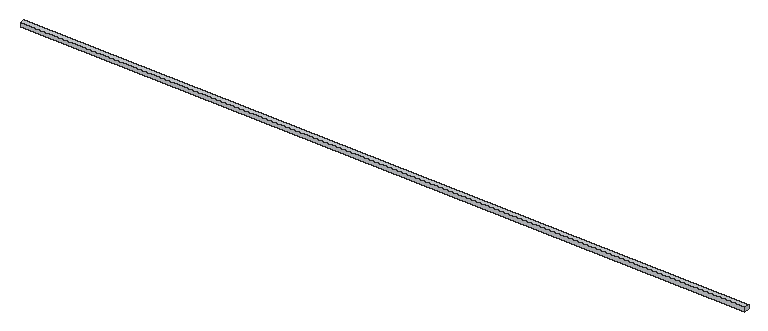
Revit family "NARROW 2216 IP 20_S242240.U.1", category Luminarias, Revit 2019
Family settings
  Cota de conector redondo = Diámetro de uso
  Tipo de pieza = Normal
  Se basa en plano de trabajo = Sí
  Siempre vertical = No
  Corte con vacíos al cargar = No
  Origen de luz = Sí
  Compartido = No
  Punto de cálculo de habitación = No
Parameters (values of type "NARROW 2216 IP 20_S242240.U.1")
  Tilt Angle = 60.00°
  Zone [instance] = ""
  Watt per fixture [instance] = (Longitud / 1000 mm) * (19.2)  # 19.2
  Wattage = 19.2 W
  built-in parameter 1150107 = 2700 (stored number, unit not read)
  built-in parameter 1150110 = 1 (stored number, unit not read)
  built-in parameter 1150109 = 1 (stored number, unit not read)
  built-in parameter 1150112 = 1 (stored number, unit not read)
  built-in parameter 1150113 = 1 (stored number, unit not read)
  built-in parameter 1114218 = 1 (stored number, unit not read)
  built-in parameter 1150142 = "IESNA:LM-63-1995\r\n[TEST]  \r\n[DATE] 2019/06/20\r\n[MANUFAC] BRILLANTE ILUMINACION\r\n[LUMCAT] \r\n[LUMINAIRE] S242240.U.1\r\n[LAMPCAT] \r\n[LAMP] NARROW 2216 IP20 2400°K\r\n[BALLASTCAT] \r\n[BALLAST] \r\n[OTHER]  \r\n[More] Temprature:25 Humidity:40\r\n[More] Frequency:DC Voltage:24.0 Current:0.8 Power:19.2 PF:0.000\r\nTILT=NONE\r\n1 1245.600 1.000 13 13 2 2 0.004 1.0 0.01\r\n1.0 1.0 19.2\r\n-90.0 -75.0 -60.0 -45.0 -30.0 -15.0 0.0 15.0 30.0 45.0 60.0 75.0 90.0\r\n-90.0 -75.0 -60.0 -45.0 -30.0 -15.0 0.0 15.0 30.0 45.0 60.0 75.0 90.0\r\n1.883 1.883 1.883 1.883 1.883 1.883 1.883 1.883 1.883 1.883 1.883 1.883 1.883\r\n3.069 14.573 33.461 53.395 69.771 80.257 83.210 78.445 66.606 49.499 29.781 11.367 1.673\r\n3.714 36.333 84.743 132.716 170.404 193.606 200.657 191.144 165.538 126.051 76.933 29.938 1.658\r\n7.468 61.511 138.961 208.468 260.834 292.335 301.087 286.856 250.202 193.357 120.829 45.160 1.615\r\n8.718 78.802 176.694 262.189 326.924 366.222 378.068 361.795 318.074 249.412 160.403 62.648 1.648\r\n9.809 95.903 206.020 300.275 370.835 413.380 425.213 405.792 356.036 279.069 179.774 69.222 1.660\r\n9.885 96.672 210.761 308.617 382.769 427.968 441.620 422.731 372.251 293.448 191.111 76.069 1.695\r\n10.879 97.494 207.338 301.217 371.499 413.772 425.374 405.876 356.150 279.276 180.176 69.850 1.670\r\n10.716 81.781 179.036 263.850 328.049 366.843 378.372 362.014 318.368 250.041 161.242 63.841 1.673\r\n10.107 65.318 142.469 211.209 262.765 293.552 301.891 287.564 251.081 194.524 122.336 46.771 1.669\r\n8.466 40.266 88.696 136.061 172.971 195.464 202.119 192.563 167.207 127.849 78.996 31.787 1.665\r\n5.580 18.514 37.644 56.975 73.176 83.414 86.220 81.420 69.419 52.081 32.184 13.626 1.671\r\n1.894 1.894 1.894 1.894 1.894 1.894 1.894 1.894 1.894 1.894 1.894 1.894 1.894\r\n"
  built-in parameter 1150137 = (empty or 0)
  built-in parameter 1150132 = (empty or 0)
  Modelo = "S242240.U.1"
  Lámpara = "2216 SMD"
  Longitud de línea de emisión = 600 mm
  Longitud [instance] = 1000 mm
  built-in parameter 1150105 = 114.59 (stored number, unit not read)
  built-in parameter 1150102 = (empty or 0)
  built-in parameter 1150106 = 1.1459 (stored number, unit not read)
  Lumens = 1440 lm
  Color Filter = 16777215
  built-in parameter 1114217 = 1 (stored number, unit not read)
  built-in parameter 1150139 = (empty or 0)
  Fabricante = "BRILLANT"
  Default Elevation = 0 mm
  built-in parameter 1150104 = 6.9677 (stored number, unit not read)
  Descripción = "TIRA LED NARROW 6MM DE ANCHO IP20 USO PARA INTERIORES, DE PCB BLANCO SIN RECUBRIMIENTO, MONO CROMATICA, CON UNA POTENCIA DE 19.2W/M DE UN TIPO DE LED 2216 SMD, IRC90, 240 LEDS POR METRO, PRESENTACION DE 5M, TEMPERATURA EN BLANCO ULTRA CALIDO 2700K, 1440 LUMENES POR METRO, EFICIENCIA DE 75 LM/W, CORTE A 2.5CM, ALIMENTADA A 24V, REQUIERE ACCESORIOS COMO FUENTE DE PODER Y CABLE DE ALIMENTACION. PERFIL EN CASO DE SER NECESARIO."
  built-in parameter 1150115 = 1 (stored number, unit not read)
  built-in parameter 1150114 = 1 (stored number, unit not read)
  Costo USD_S242240 [instance] = (Longitud / 1000 mm) * (16)  # 16
  Cost = 0
  Comentarios de vataje = "24V"
  built-in parameter 1150138 = (empty or 0)
  built-in parameter 1150134 = (empty or 0)
  Circuit [instance] = ""
  Dimming Lamp Color Temperature Shift = (empty or 0)
  Archivo de red fotométrica = "S242240.U.1  IES.IES"
  Ancho = 6 mm
  built-in parameter 1150133 = 10 (stored number, unit not read)
Reference planes
  plane 1 "Centro (Frontal/Posterior)": y = 0
  plane 2: z = 0
  plane 3 "Centro (Izquierda/Derecha)": x = 0
  plane 4: x = 0
  plane 5: z = 12
  plane 6: x = -1000
  plane 7: y = 3
  plane 8: y = -3
Forms (mm)
  Extrusion 1, solid
    sketch origin (0, 0, 0) x (1, 0, 0) y (0, 1, 0)
      loop
        line (-1000, 3) -> (-1000, -3) -> (0, -3) -> (0, 3) -> (-1000, 3)
    from 0 to 6.038
Dimensions and locks
  "Longitud": plane 6 to plane 4
  equal spacing: plane 7, plane 1 "Centro (Frontal/Posterior)", plane 8
  plane 1 "Centro (Frontal/Posterior)" to plane 7 = 3 mm
  "Ancho": plane 7 to plane 8
  "Longitud": plane 6 to plane 3 "Centro (Izquierda/Derecha)"
  aligned and locked: level to plane 2
  aligned and locked: Extrusion 1 to plane 4
  aligned and locked: plane 6 to Extrusion 1
  aligned and locked: plane 3 "Centro (Izquierda/Derecha)" to Extrusion 1
  aligned and locked: Extrusion 1 to plane 7
  aligned and locked: Extrusion 1 to plane 8
Automatic sketch dimensions
  Extrusion 1 sketch curve to plane 6 = 0 mm
  Extrusion 1 sketch curve to plane 3 "Centro (Izquierda/Derecha)" = 0 mm
  plane 1 "Centro (Frontal/Posterior)" to Extrusion 1 sketch curve = 3 mm
  Extrusion 1 sketch curve to plane 1 "Centro (Frontal/Posterior)" = 3 mm
Connectors
  electrical at (0, 0, 3.019)
    settings: on Extrusion 1, index 1, voltage 24 V, apparent load 0 VA, apparent load phase1 0 VA, apparent load phase2 0 VA, apparent load phase3 0 VA, power factor 1, load classification "Otro", number of poles 1, system type 31, power factor state 1, is connector primary yes, connector utility no, sub classification motor no, connector description ""
